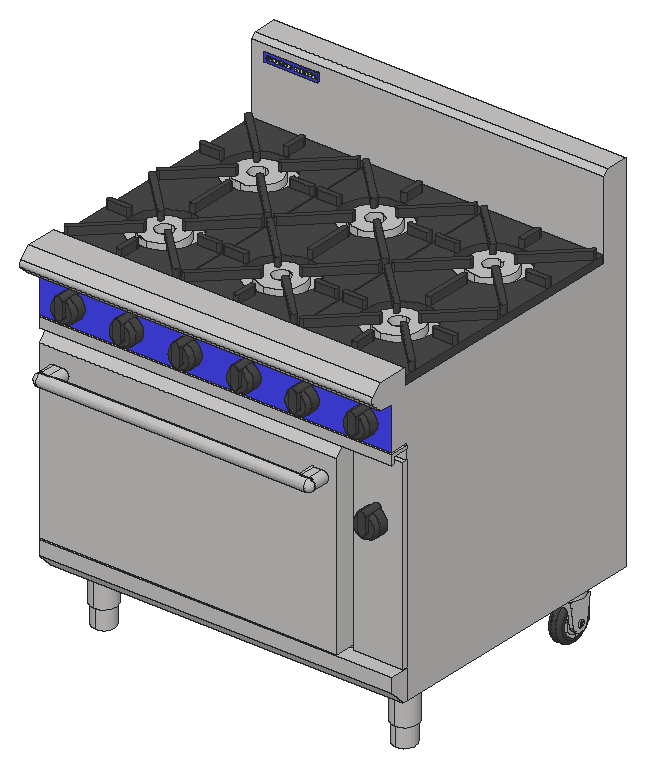
Revit family "QF_MOFFAT_BLUESEAL_CE_G506D", category Specialty Equipment, Revit 2012 (continued)
Lines and regions (mm)
  symbolic lines
    curve 87: line (723.907, -512.407, 0) -> (610.77, -399.27, 0)
    curve 88: line (610.733, -537.634, 0) -> (662.459, -537.634, 0)
    curve 89: line (781.093, -512.407, 0) -> (894.23, -399.27, 0)
    curve 90: line (723.907, -562.593, 0) -> (610.77, -675.73, 0)
    curve 91: line (781.093, -562.593, 0) -> (894.23, -675.73, 0)
    curve 92: line (752.466, -96.281, 0) -> (752.466, -149.16, 0)
    curve 93: line (723.907, -269.593, 0) -> (610.77, -382.73, 0)
    curve 94: line (781.093, -269.593, 0) -> (894.23, -382.73, 0)
    curve 95: line (893.24, -241, 0) -> (843.24, -241, 0)
    curve 96: line (610.733, -241, 0) -> (662.459, -241, 0)
    curve 97: line (723.907, -205.407, 0) -> (610.77, -92.27, 0)
    curve 98: line (781.093, -205.407, 0) -> (894.23, -92.27, 0)
    curve 99: line (32.794, -18.385, 0) -> (260.753, -18.385, 0)
    curve 100: arc (260.753, -18.385, 0) -> (265.753, -19.725, 0) -> (269.413, -23.385, 0) r 10
    curve 101: line (269.413, -23.385, 0) -> (273.455, -30.385, 0)
    curve 102: arc (273.455, -30.385, 0) -> (273.455, -40.385, 0) -> (264.794, -45.385, 0) r 10
    curve 103: line (264.794, -45.385, 0) -> (36.836, -45.385, 0)
    curve 104: arc (36.836, -45.385, 0) -> (31.836, -44.045, 0) -> (28.176, -40.385, 0) r 10
    curve 105: line (28.176, -40.385, 0) -> (24.134, -33.385, 0)
    curve 106: arc (24.134, -33.385, 0) -> (24.134, -23.385, 0) -> (32.794, -18.385, 0) r 10
    curve 107: line (560.753, -18.385, 0) -> (332.794, -18.385, 0)
    curve 108: arc (332.794, -18.385, 0) -> (324.134, -23.385, 0) -> (324.134, -33.385, 0) r 10
    curve 109: line (324.134, -33.385, 0) -> (328.176, -40.385, 0)
    curve 110: arc (328.176, -40.385, 0) -> (331.836, -44.045, 0) -> (336.836, -45.385, 0) r 10
    curve 111: line (336.836, -45.385, 0) -> (564.794, -45.385, 0)
    curve 112: arc (564.794, -45.385, 0) -> (573.455, -40.385, 0) -> (573.455, -30.385, 0) r 10
    curve 113: line (573.455, -30.385, 0) -> (569.413, -23.385, 0)
    curve 114: arc (569.413, -23.385, 0) -> (565.753, -19.725, 0) -> (560.753, -18.385, 0) r 10
    curve 115: line (632.794, -18.385, 0) -> (860.753, -18.385, 0)
    curve 116: arc (860.753, -18.385, 0) -> (865.753, -19.725, 0) -> (869.413, -23.385, 0) r 10
    curve 117: line (869.413, -23.385, 0) -> (873.455, -30.385, 0)
    curve 118: arc (873.455, -30.385, 0) -> (873.455, -40.385, 0) -> (864.794, -45.385, 0) r 10
    curve 119: line (864.794, -45.385, 0) -> (636.836, -45.385, 0)
    curve 120: arc (636.836, -45.385, 0) -> (631.836, -44.045, 0) -> (628.176, -40.385, 0) r 10
    curve 121: line (628.176, -40.385, 0) -> (624.134, -33.385, 0)
    curve 122: arc (624.134, -33.385, 0) -> (624.134, -23.385, 0) -> (632.794, -18.385, 0) r 10
    curve 123: line (0, -783.97, 0) -> (900, -783.97, 0)
    curve 124: line (0, -57.5, 0) -> (900, -57.5, 0)
  symbolic lines, style "QF_Door-Drawer Clearances", visible <- "Show Clearance"
    curve 12: line (0, -1218.847, 0) -> (0, -812, 0)
    curve 13: line (0, -1218.847, 0) -> (760, -1218.847, 0)
    curve 14: line (760, -1218.847, 0) -> (760, -812, 0)
Dimensions and locks
  equal spacing: plane 3 "LEFT", plane 7 "Center Y", plane 4 "RIGHT"
  "Width": plane 3 "LEFT" to plane 4 "RIGHT"
  equal spacing: plane 5 "FRONT", plane 8 "Center X", plane 1 "BACK"
  plane 5 "FRONT" to plane 1 "BACK" = 812 mm  (x2)
  equal spacing: plane 4 "RIGHT", plane 7 "Center Y", plane 3 "LEFT"
  plane 4 "RIGHT" to plane 3 "LEFT" = 900 mm
  "Height": plane 6 "TOP" to level
  plane 10 to plane 1 "BACK" = 574.272 mm
  plane 12 to plane 1 "BACK" = 304.972 mm  (x2)
  plane 11 to plane 3 "LEFT" = 60 mm
  plane 14 to plane 3 "LEFT" = 74 mm
  plane 9 to plane 3 "LEFT" = 280 mm
  "Depth": plane 1 "BACK" to plane 15
  plane 15 to plane 5 "FRONT" = 0 mm
  plane 6 "TOP" to plane 2 = 970 mm
  plane 2 to Extrusion 1 sketch curve = 875 mm
  locked: plane 2 to Extrusion 1 sketch curve at 915
  Revolve 30 sketch curve to Revolve 30 sketch curve = 50.8 mm
  Revolve 34 sketch curve to Revolve 34 sketch curve = 50.8 mm
  plane 20 to level = 1085 mm
  Extrusion 35 sketch curve to plane 22 = 64.8 mm
  plane 23 to Extrusion 38 sketch curve = 67.217 mm
  plane 24 to Extrusion 39 sketch curve = 65.8 mm
  aligned and locked: level to plane 2
  aligned and locked: curve 3 to plane 4 "RIGHT"
Automatic sketch dimensions
  Extrusion 1 sketch curve to plane 21 = 0 mm
  Extrusion 1 sketch curve to plane 20 = 0 mm
  Extrusion 1 sketch curve to plane 1 "BACK" = 0 mm
  plane 21 to Extrusion 1 sketch curve = 44 mm
  Extrusion 1 sketch curve to plane 5 "FRONT" = 28.03 mm
  Extrusion 1 sketch curve to plane 5 "FRONT" = 27.03 mm
  Extrusion 1 sketch curve to plane 5 "FRONT" = 12.018 mm
  Extrusion 1 sketch curve to plane 5 "FRONT" = 3.524 mm  (x2)
  Extrusion 1 sketch curve to plane 21 = 6 mm
  Extrusion 1 sketch curve to plane 20 = 12.5 mm
  plane 19 to Extrusion 1 sketch curve = 30 mm
  Extrusion 1 sketch curve to Extrusion 1 sketch curve = 12.5 mm
  Extrusion 1 sketch curve to Extrusion 1 sketch curve = 41.494 mm
  Extrusion 1 sketch curve to Extrusion 1 sketch curve = 25 mm
  plane 18 to Extrusion 1 sketch curve = 85 mm
  level to Extrusion 1 sketch curve = 150 mm
  Extrusion 1 sketch curve to Extrusion 1 sketch curve = 8.494 mm
  plane 21 to Extrusion 2 sketch curve = 20 mm
  Extrusion 2 sketch curve to plane 21 = 6 mm
  level to Extrusion 2 sketch curve = 227.5 mm
  plane 21 to Extrusion 3 sketch curve = 9 mm
  Extrusion 3 sketch curve to plane 21 = 6 mm
  level to Extrusion 3 sketch curve = 227.5 mm
  plane 18 to Extrusion 3 sketch curve = 45 mm
  Revolve 4 sketch curve to level = 0 mm
  Revolve 4 sketch curve to plane 21 = 48.25 mm
  Revolve 4 sketch curve to Revolve 4 sketch curve = 4.25 mm
  Revolve 4 sketch curve to Revolve 4 sketch curve = 27.5 mm  (x2)
  level to Revolve 4 sketch curve = 50 mm
  Revolve 4 sketch curve to Revolve 4 sketch curve = 0 mm
  Revolve 4 sketch curve to Revolve 4 sketch curve = 100 mm
  Revolve 4 sketch curve to Revolve 4 sketch curve = 55 mm
  Revolve 5 sketch curve to level = 0 mm
  Revolve 5 sketch curve to plane 21 = 48.25 mm
  Revolve 5 sketch curve to Revolve 5 sketch curve = 4.25 mm
  Revolve 5 sketch curve to Revolve 5 sketch curve = 27.5 mm  (x2)
  Revolve 5 sketch curve to level = 55 mm
  Revolve 5 sketch curve to Revolve 5 sketch curve = 50 mm
  Revolve 5 sketch curve to Revolve 5 sketch curve = 0 mm
  Revolve 5 sketch curve to Revolve 5 sketch curve = 100 mm
  Extrusion 6 sketch curve to plane 17 = 0 mm
  Extrusion 6 sketch curve to plane 16 = 64.5 mm
  Revolve 7 sketch curve to plane 5 "FRONT" = 19 mm
  Revolve 7 sketch curve to Revolve 7 sketch curve = 0 mm  (x2)
  Revolve 7 sketch curve to Revolve 7 sketch curve = 11 mm
  Revolve 7 sketch curve to Revolve 7 sketch curve = 12.7 mm
  Revolve 7 sketch curve to Revolve 7 sketch curve = 23 mm
  Revolve 7 sketch curve to Revolve 7 sketch curve = 10 mm
  plane 18 to Revolve 7 sketch curve = 141.882 mm
  Revolve 7 sketch curve to Revolve 7 sketch curve = 5 mm
  Revolve 7 sketch curve to Revolve 7 sketch curve = 26.651 mm
  Revolve 7 sketch curve to Revolve 7 sketch curve = 5.849 mm
  Revolve 8 sketch curve to plane 5 "FRONT" = 19 mm
  Revolve 8 sketch curve to Revolve 8 sketch curve = 0 mm  (x2)
  Revolve 8 sketch curve to Revolve 8 sketch curve = 11 mm
  Revolve 8 sketch curve to Revolve 8 sketch curve = 12.7 mm
  Revolve 8 sketch curve to Revolve 8 sketch curve = 23 mm
  Revolve 8 sketch curve to Revolve 8 sketch curve = 10 mm
  plane 18 to Revolve 8 sketch curve = 141.882 mm
  Revolve 8 sketch curve to Revolve 8 sketch curve = 5 mm
  Revolve 8 sketch curve to Revolve 8 sketch curve = 26.651 mm
  Revolve 8 sketch curve to Revolve 8 sketch curve = 5.849 mm
  Revolve 9 sketch curve to plane 5 "FRONT" = 19 mm
  Revolve 9 sketch curve to Revolve 9 sketch curve = 0 mm  (x2)
  Revolve 9 sketch curve to Revolve 9 sketch curve = 11 mm
  Revolve 9 sketch curve to Revolve 9 sketch curve = 12.7 mm
  Revolve 9 sketch curve to Revolve 9 sketch curve = 23 mm
  Revolve 9 sketch curve to Revolve 9 sketch curve = 10 mm
  Revolve 9 sketch curve to plane 6 "TOP" = 140.618 mm
  Revolve 9 sketch curve to Revolve 9 sketch curve = 5.849 mm
  Revolve 9 sketch curve to Revolve 9 sketch curve = 27.5 mm
  Revolve 9 sketch curve to Revolve 9 sketch curve = 5 mm
  Revolve 10 sketch curve to plane 5 "FRONT" = 19 mm
  Revolve 10 sketch curve to Revolve 10 sketch curve = 0 mm  (x2)
  Revolve 10 sketch curve to Revolve 10 sketch curve = 11 mm
  Revolve 10 sketch curve to Revolve 10 sketch curve = 12.7 mm
  Revolve 10 sketch curve to Revolve 10 sketch curve = 23 mm
  Revolve 10 sketch curve to Revolve 10 sketch curve = 10 mm
  Revolve 10 sketch curve to plane 6 "TOP" = 140.618 mm
  Revolve 10 sketch curve to Revolve 10 sketch curve = 5.849 mm
  Revolve 10 sketch curve to Revolve 10 sketch curve = 27.5 mm
  Revolve 10 sketch curve to Revolve 10 sketch curve = 5 mm
  Revolve 11 sketch curve to plane 5 "FRONT" = 19 mm
  Revolve 11 sketch curve to Revolve 11 sketch curve = 0 mm  (x2)
  Revolve 11 sketch curve to Revolve 11 sketch curve = 11 mm
  Revolve 11 sketch curve to Revolve 11 sketch curve = 12.7 mm
  Revolve 11 sketch curve to Revolve 11 sketch curve = 23 mm
  Revolve 11 sketch curve to Revolve 11 sketch curve = 10 mm
  Revolve 11 sketch curve to plane 6 "TOP" = 140.618 mm
  Revolve 11 sketch curve to Revolve 11 sketch curve = 5.849 mm
  Revolve 11 sketch curve to Revolve 11 sketch curve = 27.5 mm
  Revolve 11 sketch curve to Revolve 11 sketch curve = 5 mm
  plane 14 to Extrusion 12 sketch curve = 26.156 mm
  Extrusion 12 sketch curve to Extrusion 12 sketch curve = 10 mm
  Extrusion 12 sketch curve to plane 6 "TOP" = 146.118 mm
  Extrusion 12 sketch curve to Extrusion 12 sketch curve = 35 mm
  Extrusion 13 sketch curve to plane 9 = 29.844 mm
  Extrusion 13 sketch curve to Extrusion 13 sketch curve = 10 mm
  Extrusion 13 sketch curve to plane 6 "TOP" = 146.118 mm
  Extrusion 13 sketch curve to Extrusion 13 sketch curve = 35 mm
  Extrusion 14 sketch curve to plane 16 = 4.656 mm
  plane 16 to Extrusion 14 sketch curve = 5.344 mm
  plane 18 to Extrusion 14 sketch curve = 133.882 mm
  Extrusion 14 sketch curve to Extrusion 14 sketch curve = 35 mm
  Extrusion 15 sketch curve to plane 16 = 154.656 mm
  Extrusion 15 sketch curve to Extrusion 15 sketch curve = 10 mm
  plane 18 to Extrusion 15 sketch curve = 133.882 mm
  Extrusion 15 sketch curve to Extrusion 15 sketch curve = 35 mm
  Extrusion 16 sketch curve to plane 7 "Center Y" = 49.868 mm
  Extrusion 16 sketch curve to Extrusion 16 sketch curve = 10 mm
  Extrusion 16 sketch curve to plane 6 "TOP" = 146.118 mm
  Extrusion 16 sketch curve to Extrusion 16 sketch curve = 35 mm
  plane 7 "Center Y" to Extrusion 17 sketch curve = 100.132 mm
  Extrusion 17 sketch curve to Extrusion 17 sketch curve = 10 mm
  Extrusion 17 sketch curve to plane 6 "TOP" = 146.118 mm
  Extrusion 17 sketch curve to Extrusion 17 sketch curve = 35 mm
  Revolve 18 sketch curve to plane 5 "FRONT" = 54 mm
  Revolve 18 sketch curve to Revolve 18 sketch curve = 0 mm  (x2)
  Revolve 18 sketch curve to Revolve 18 sketch curve = 11 mm
  Revolve 18 sketch curve to Revolve 18 sketch curve = 12.7 mm
  plane 21 to Revolve 18 sketch curve = 19 mm
  plane 21 to Revolve 18 sketch curve = 9 mm
  Revolve 18 sketch curve to plane 18 = 103.743 mm
  Revolve 18 sketch curve to Revolve 18 sketch curve = 5 mm
  Revolve 18 sketch curve to Revolve 18 sketch curve = 26.651 mm
  Revolve 18 sketch curve to Revolve 18 sketch curve = 5.849 mm
  Extrusion 19 sketch curve to plane 16 = 7.156 mm
  plane 16 to Extrusion 19 sketch curve = 2.844 mm
  Extrusion 19 sketch curve to plane 18 = 111.743 mm
  Extrusion 19 sketch curve to Extrusion 19 sketch curve = 35 mm
  plane 21 to Extrusion 20 sketch curve = 44 mm
  level to Extrusion 20 sketch curve = 227.5 mm
  plane 5 "FRONT" to Extrusion 20 sketch curve = 406.847 mm
  plane 1 "BACK" to Extrusion 21 sketch curve = 0 mm
  Extrusion 21 sketch curve to plane 17 = 7 mm
  Extrusion 21 sketch curve to plane 16 = 140.5 mm
  plane 19 to Extrusion 21 sketch curve = 13 mm
  Extrusion 21 sketch curve to Extrusion 21 sketch curve = 50 mm
  Extrusion 21 sketch curve to plane 16 = 10.5 mm
  Revolve 22 sketch curve to plane 5 "FRONT" = 19 mm
  Revolve 22 sketch curve to Revolve 22 sketch curve = 0 mm  (x2)
  Revolve 22 sketch curve to Revolve 22 sketch curve = 11 mm
  Revolve 22 sketch curve to Revolve 22 sketch curve = 12.7 mm
  Revolve 22 sketch curve to Revolve 22 sketch curve = 23 mm
  Revolve 22 sketch curve to Revolve 22 sketch curve = 10 mm
  Revolve 22 sketch curve to plane 6 "TOP" = 140.618 mm
  Revolve 22 sketch curve to Revolve 22 sketch curve = 5.849 mm
  Revolve 22 sketch curve to Revolve 22 sketch curve = 27.5 mm
  Revolve 22 sketch curve to Revolve 22 sketch curve = 5 mm
  Extrusion 23 sketch curve to plane 11 = 1.472 mm
  Extrusion 23 sketch curve to plane 18 = 46.875 mm  (x2)
  Extrusion 23 sketch curve to Extrusion 23 sketch curve = 15 mm  (x2)
  Extrusion 23 sketch curve to plane 16 = 131.743 mm
  Extrusion 23 sketch curve to Extrusion 23 sketch curve = 20.282 mm  (x2)
  Revolve 24 sketch curve to plane 3 "LEFT" = 6.961 mm
  plane 3 "LEFT" to Revolve 24 sketch curve = 23.246 mm
  Revolve 24 sketch curve to plane 18 = 16.875 mm
  Revolve 24 sketch curve to Revolve 24 sketch curve = 15 mm
  Revolve 24 sketch curve to plane 18 = 31.875 mm
  plane 7 "Center Y" to Revolve 24 sketch curve = 138.039 mm
  Revolve 24 sketch curve to plane 16 = 111.461 mm
  plane 21 to Extrusion 25 sketch curve = 44 mm
  Extrusion 25 sketch curve to Extrusion 25 sketch curve = 6.387 mm
  Extrusion 25 sketch curve to Extrusion 25 sketch curve = 8.776 mm
  Extrusion 25 sketch curve to plane 21 = 4.07 mm
  plane 18 to Extrusion 25 sketch curve = 55 mm
  Extrusion 25 sketch curve to Extrusion 25 sketch curve = 16.999 mm
  Extrusion 25 sketch curve to Extrusion 25 sketch curve = 7.004 mm
  plane 21 to Extrusion 26 sketch curve = 44 mm
  Extrusion 26 sketch curve to Extrusion 26 sketch curve = 36.5 mm
  Extrusion 27 sketch curve to plane 19 = 0 mm
  Extrusion 27 sketch curve to plane 19 = 19.393 mm
  Extrusion 27 sketch curve to plane 19 = 31.75 mm
  plane 19 to Extrusion 27 sketch curve = 19.393 mm
  plane 19 to Extrusion 27 sketch curve = 31.75 mm
  level to Extrusion 27 sketch curve = 45.111 mm
  Extrusion 27 sketch curve to Extrusion 27 sketch curve = 4.889 mm
  Extrusion 27 sketch curve to Extrusion 27 sketch curve = 64.889 mm
  Revolve 28 sketch curve to plane 19 = 0 mm  (x2)
  Revolve 28 sketch curve to plane 19 = 35.75 mm
  Revolve 28 sketch curve to level = 55 mm
  level to Revolve 28 sketch curve = 50 mm
  Revolve 28 sketch curve to Revolve 28 sketch curve = 60 mm
  Revolve 28 sketch curve to Revolve 28 sketch curve = 40 mm
  Revolve 29 sketch curve to plane 19 = 0 mm  (x2)
  Revolve 29 sketch curve to plane 19 = 35.75 mm
  level to Revolve 29 sketch curve = 150 mm
  Revolve 29 sketch curve to Revolve 29 sketch curve = 40 mm
  level to Revolve 29 sketch curve = 50 mm
  Revolve 29 sketch curve to level = 55 mm
  Revolve 30 sketch curve to plane 16 = 34.382 mm
  Revolve 30 sketch curve to Revolve 30 sketch curve = 1.27 mm  (x4)
  Revolve 30 sketch curve to Revolve 30 sketch curve = 1.524 mm  (x2)
  Revolve 30 sketch curve to Revolve 30 sketch curve = 12.146 mm  (x2)
  Revolve 30 sketch curve to plane 16 = 16.68 mm
  Revolve 30 sketch curve to Revolve 30 sketch curve = 0.794 mm  (x2)
  Revolve 30 sketch curve to Revolve 30 sketch curve = 3.57 mm
  Revolve 30 sketch curve to Revolve 30 sketch curve = 2.143 mm
  Revolve 30 sketch curve to plane 16 = 6.361 mm
  plane 16 to Revolve 30 sketch curve = 5.13 mm
  plane 16 to Revolve 30 sketch curve = 6.339 mm
  plane 16 to Revolve 30 sketch curve = 14.515 mm
  Revolve 30 sketch curve to Revolve 30 sketch curve = 1.349 mm  (x2)
  Revolve 30 sketch curve to Revolve 30 sketch curve = 3.556 mm
  Revolve 30 sketch curve to plane 4 "RIGHT" = 2.18 mm
  level to Revolve 30 sketch curve = 50.8 mm
  Revolve 30 sketch curve to Revolve 30 sketch curve = 0 mm
  Revolve 30 sketch curve to Revolve 30 sketch curve = 3.505 mm  (x2)
  Revolve 30 sketch curve to Revolve 30 sketch curve = 3.447 mm  (x2)
  Revolve 30 sketch curve to Revolve 30 sketch curve = 9.964 mm
  Revolve 30 sketch curve to Revolve 30 sketch curve = 10.045 mm
  Revolve 30 sketch curve to Revolve 30 sketch curve = 2.053 mm
  Revolve 30 sketch curve to Revolve 30 sketch curve = 2.061 mm
  Revolve 30 sketch curve to Revolve 30 sketch curve = 8.247 mm
  Revolve 30 sketch curve to Revolve 30 sketch curve = 8.336 mm
  Revolve 30 sketch curve to Revolve 30 sketch curve = 6.35 mm  (x2)
  Extrusion 31 sketch curve to plane 19 = 0 mm
  Extrusion 31 sketch curve to plane 19 = 19.393 mm
  Extrusion 31 sketch curve to plane 19 = 31.75 mm
  plane 19 to Extrusion 31 sketch curve = 19.393 mm
  plane 19 to Extrusion 31 sketch curve = 31.75 mm
  level to Extrusion 31 sketch curve = 45.111 mm
  Extrusion 31 sketch curve to Extrusion 31 sketch curve = 4.889 mm
  Extrusion 31 sketch curve to Extrusion 31 sketch curve = 64.889 mm
  Revolve 32 sketch curve to level = 0 mm
  Revolve 32 sketch curve to plane 19 = 0 mm  (x2)
  Revolve 32 sketch curve to Revolve 32 sketch curve = 27.5 mm
  Revolve 32 sketch curve to Revolve 32 sketch curve = 31.75 mm
  Revolve 32 sketch curve to level = 55 mm
  Revolve 32 sketch curve to Revolve 32 sketch curve = 50 mm
  Revolve 32 sketch curve to Revolve 32 sketch curve = 0 mm
  Revolve 32 sketch curve to Revolve 32 sketch curve = 100 mm
  Revolve 33 sketch curve to level = 0 mm
  Revolve 33 sketch curve to plane 19 = 0 mm  (x2)
  Revolve 33 sketch curve to Revolve 33 sketch curve = 27.5 mm
  Revolve 33 sketch curve to Revolve 33 sketch curve = 31.75 mm
  level to Revolve 33 sketch curve = 50 mm
  Revolve 33 sketch curve to Revolve 33 sketch curve = 0 mm
  Revolve 33 sketch curve to Revolve 33 sketch curve = 100 mm
  Revolve 33 sketch curve to Revolve 33 sketch curve = 55 mm
  plane 14 to Revolve 34 sketch curve = 25.382 mm
  Revolve 34 sketch curve to Revolve 34 sketch curve = 1.27 mm  (x4)
  Revolve 34 sketch curve to Revolve 34 sketch curve = 1.524 mm  (x2)
  plane 14 to Revolve 34 sketch curve = 10.442 mm
  plane 14 to Revolve 34 sketch curve = 7.68 mm
  Revolve 34 sketch curve to Revolve 34 sketch curve = 0.794 mm  (x2)
  Revolve 34 sketch curve to Revolve 34 sketch curve = 3.57 mm
  Revolve 34 sketch curve to Revolve 34 sketch curve = 2.143 mm
  Revolve 34 sketch curve to plane 14 = 2.639 mm
  Revolve 34 sketch curve to plane 11 = 0.13 mm
  Revolve 34 sketch curve to plane 11 = 1.339 mm
  Revolve 34 sketch curve to plane 11 = 9.515 mm
  Revolve 34 sketch curve to Revolve 34 sketch curve = 1.349 mm  (x2)
  Revolve 34 sketch curve to Revolve 34 sketch curve = 3.556 mm
  Revolve 34 sketch curve to Revolve 34 sketch curve = 12.146 mm
  Revolve 34 sketch curve to plane 3 "LEFT" = 2.68 mm
  level to Revolve 34 sketch curve = 101.6 mm
  Revolve 34 sketch curve to Revolve 34 sketch curve = 6.35 mm  (x4)
  Revolve 34 sketch curve to Revolve 34 sketch curve = 8.247 mm
  Revolve 34 sketch curve to Revolve 34 sketch curve = 8.336 mm
  Revolve 34 sketch curve to Revolve 34 sketch curve = 2.061 mm
  Revolve 34 sketch curve to Revolve 34 sketch curve = 2.053 mm
  Revolve 34 sketch curve to Revolve 34 sketch curve = 10.045 mm
  Revolve 34 sketch curve to Revolve 34 sketch curve = 9.964 mm
  Revolve 34 sketch curve to Revolve 34 sketch curve = 3.447 mm  (x2)
  Revolve 34 sketch curve to Revolve 34 sketch curve = 3.505 mm
  plane 21 to Extrusion 35 sketch curve = 0 mm
  Extrusion 35 sketch curve to plane 21 = 3 mm  (x2)
  plane 10 to Extrusion 35 sketch curve = 36.504 mm
  plane 12 to Extrusion 35 sketch curve = 67.472 mm
  plane 19 to Extrusion 35 sketch curve = 26 mm  (x2)
  Extrusion 35 sketch curve to Extrusion 35 sketch curve = 3 mm
  plane 14 to Extrusion 35 sketch curve = 76 mm  (x2)
  plane 9 to Extrusion 35 sketch curve = 17 mm
  Extrusion 36 sketch curve to Extrusion 35 = 19.102 mm  (x6)
  Extrusion 36 sketch curve to Extrusion 36 sketch curve = 4.525 mm  (x48)
  Extrusion 36 sketch curve to Extrusion 35 = 27.593 mm  (x3)
  Extrusion 36 sketch curve to Extrusion 36 sketch curve = 48.456 mm  (x13)
  Extrusion 36 sketch curve to Extrusion 36 sketch curve = 50.976 mm  (x3)
  Extrusion 36 sketch curve to Extrusion 36 sketch curve = 0 mm  (x19)
  Extrusion 35 to Extrusion 36 sketch curve = 9.908 mm  (x2)
  Extrusion 36 sketch curve to Extrusion 36 sketch curve = 27.39 mm  (x5)
  Extrusion 36 sketch curve to Extrusion 36 sketch curve = 6.4 mm  (x21)
  Extrusion 36 sketch curve to Extrusion 36 sketch curve = 20.658 mm  (x6)
  Extrusion 36 sketch curve to Extrusion 36 sketch curve = 55.923 mm  (x3)
  Extrusion 35 to Extrusion 36 sketch curve = 6.102 mm  (x3)
  Extrusion 36 sketch curve to Extrusion 36 sketch curve = 128.581 mm  (x4)
  Extrusion 36 sketch curve to Extrusion 35 = 6.102 mm  (x2)
  Extrusion 36 sketch curve to Extrusion 35 = 5.102 mm  (x3)
  Extrusion 36 sketch curve to Extrusion 35 = 14.153 mm
  Extrusion 36 sketch curve to Extrusion 36 sketch curve = 12.205 mm  (x6)
  Extrusion 36 sketch curve to Extrusion 35 = 15.153 mm  (x2)
  Extrusion 35 to Extrusion 36 sketch curve = 15.153 mm
  Extrusion 36 sketch curve to Extrusion 36 sketch curve = 112.454 mm  (x3)
  Extrusion 36 sketch curve to Extrusion 36 sketch curve = 59.673 mm  (x3)
  Extrusion 36 sketch curve to Extrusion 36 sketch curve = 17.024 mm  (x4)
  Extrusion 36 sketch curve to Extrusion 36 sketch curve = 46.847 mm  (x6)
  Extrusion 36 sketch curve to Extrusion 36 sketch curve = 62.169 mm  (x3)
  Extrusion 36 sketch curve to Extrusion 35 = 36.153 mm  (x4)
  Extrusion 36 sketch curve to Extrusion 35 = 23.4 mm  (x3)
  Extrusion 36 sketch curve to Extrusion 35 = 9.156 mm  (x2)
  Extrusion 36 sketch curve to Extrusion 36 sketch curve = 55.413 mm  (x7)
  Extrusion 36 sketch curve to Extrusion 36 sketch curve = 20.524 mm  (x9)
  Extrusion 36 sketch curve to Extrusion 36 sketch curve = 53.847 mm  (x12)
  Extrusion 36 sketch curve to Extrusion 35 = 58.364 mm
  Extrusion 36 sketch curve to Extrusion 36 sketch curve = 55.661 mm  (x6)
  Extrusion 36 sketch curve to Extrusion 35 = 9.908 mm  (x2)
  Extrusion 36 sketch curve to Extrusion 36 sketch curve = 128.447 mm  (x6)
  Extrusion 36 sketch curve to Extrusion 36 sketch curve = 15.038 mm  (x4)
  Extrusion 36 sketch curve to Extrusion 36 sketch curve = 23.146 mm  (x2)
  Extrusion 38 sketch curve to plane 7 "Center Y" = 0 mm  (x2)
  plane 21 to Extrusion 38 sketch curve = 0 mm
  Extrusion 38 sketch curve to plane 21 = 3 mm  (x2)
  plane 10 to Extrusion 38 sketch curve = 36.504 mm
  plane 12 to Extrusion 38 sketch curve = 67.472 mm
  plane 19 to Extrusion 38 sketch curve = 26 mm  (x2)
  Extrusion 38 sketch curve to Extrusion 38 sketch curve = 3 mm
  plane 9 to Extrusion 38 sketch curve = 23 mm
  plane 21 to Extrusion 39 sketch curve = 0 mm
  Extrusion 39 sketch curve to plane 21 = 3 mm  (x2)
  plane 10 to Extrusion 39 sketch curve = 36.504 mm
  plane 12 to Extrusion 39 sketch curve = 67.472 mm
  plane 19 to Extrusion 39 sketch curve = 26 mm  (x2)
  Extrusion 39 sketch curve to Extrusion 39 sketch curve = 3 mm
  Extrusion 39 sketch curve to plane 24 = 84.2 mm  (x2)
  plane 7 "Center Y" to Extrusion 39 sketch curve = 154.417 mm
  curve 23 to curve 24 = 0 mm  (x2)
  curve 23 to curve 27 = 0 mm  (x2)
  curve 23 to curve 28 = 0 mm  (x2)
  curve 24 to curve 27 = 0 mm  (x2)
  curve 24 to curve 28 = 0 mm  (x2)
  curve 25 to curve 26 = 0 mm  (x2)
  curve 27 to curve 28 = 0 mm  (x2)
  curve 37 to curve 38 = 0 mm  (x2)
  curve 37 to curve 39 = 0 mm  (x2)
  curve 37 to curve 40 = 0 mm  (x2)
  curve 37 to curve 41 = 0 mm  (x2)
  curve 37 to curve 42 = 0 mm  (x2)
  curve 38 to curve 39 = 0 mm  (x2)
  curve 38 to curve 40 = 0 mm  (x2)
  curve 38 to curve 41 = 0 mm  (x2)
  curve 38 to curve 42 = 0 mm  (x2)
  curve 39 to curve 40 = 0 mm  (x2)
  curve 39 to curve 41 = 0 mm  (x2)
  curve 39 to curve 42 = 0 mm  (x2)
  curve 40 to curve 41 = 0 mm  (x2)
  curve 40 to curve 42 = 0 mm  (x2)
  curve 41 to curve 42 = 0 mm  (x2)
  curve 45 to curve 46 = 0 mm  (x2)
  curve 45 to curve 47 = 0 mm  (x2)
  curve 45 to curve 48 = 0 mm  (x2)
  curve 46 to curve 47 = 0 mm  (x2)
  curve 46 to curve 48 = 0 mm  (x2)
  curve 47 to curve 48 = 0 mm  (x2)
  curve 49 to curve 50 = 0 mm  (x2)
  curve 49 to curve 51 = 0 mm  (x2)
  curve 49 to curve 52 = 0 mm  (x2)
  curve 50 to curve 51 = 0 mm  (x2)
  curve 50 to curve 52 = 0 mm  (x2)
  curve 51 to curve 52 = 0 mm  (x2)
  curve 53 to curve 54 = 0 mm  (x2)
  curve 55 to curve 56 = 0 mm  (x2)
  curve 55 to curve 57 = 0 mm  (x2)
  curve 55 to curve 58 = 0 mm  (x2)
  curve 55 to curve 59 = 0 mm  (x2)
  curve 55 to curve 60 = 0 mm  (x2)
  curve 56 to curve 57 = 0 mm  (x2)
  curve 56 to curve 58 = 0 mm  (x2)
  curve 56 to curve 59 = 0 mm  (x2)
  curve 56 to curve 60 = 0 mm  (x2)
  curve 57 to curve 58 = 0 mm  (x2)
  curve 57 to curve 59 = 0 mm  (x2)
  curve 57 to curve 60 = 0 mm  (x2)
  curve 58 to curve 59 = 0 mm  (x2)
  curve 58 to curve 60 = 0 mm  (x2)
  curve 59 to curve 60 = 0 mm  (x2)
  curve 61 to curve 62 = 0 mm  (x2)
  curve 63 to curve 64 = 0 mm  (x2)
  curve 63 to curve 65 = 0 mm  (x2)
  curve 63 to curve 66 = 0 mm  (x2)
  curve 63 to curve 67 = 0 mm  (x2)
  curve 63 to curve 68 = 0 mm  (x2)
  curve 64 to curve 65 = 0 mm  (x2)
  curve 64 to curve 66 = 0 mm  (x2)
  curve 64 to curve 67 = 0 mm  (x2)
  curve 64 to curve 68 = 0 mm  (x2)
  curve 65 to curve 66 = 0 mm  (x2)
  curve 65 to curve 67 = 0 mm  (x2)
  curve 65 to curve 68 = 0 mm  (x2)
  curve 66 to curve 67 = 0 mm  (x2)
  curve 66 to curve 68 = 0 mm  (x2)
  curve 67 to curve 68 = 0 mm  (x2)
  curve 61 to plane 7 "Center Y" = 0 mm
  curve 45 to plane 7 "Center Y" = 0 mm
  curve 63 to plane 7 "Center Y" = 0 mm
  curve 57 to plane 16 = 84.5 mm
  plane 10 to curve 49 = 36.772 mm
  curve 49 to plane 16 = 84.5 mm
  curve 53 to curve 49 = 0 mm
  plane 12 to curve 42 = 45.472 mm
  plane 14 to curve 42 = 76 mm
  plane 14 to curve 28 = 76 mm
  curve 26 to curve 23 = 0 mm
  curve 39 to curve 41 = 22 mm
  plane 12 to curve 67 = 67.472 mm
  plane 12 to curve 57 = 67.472 mm
  curve 67 to curve 63 = 22 mm
  curve 59 to curve 55 = 22 mm
  curve 66 to curve 67 = 35 mm
  curve 58 to curve 59 = 35 mm
  curve 39 to curve 41 = 35 mm
  curve 38 to curve 39 = 28 mm
  curve 56 to curve 57 = 28 mm
  curve 63 to curve 65 = 28 mm
  curve 25 to plane 8 "Center X" = 46.768 mm
  curve 54 to plane 8 "Center X" = 46.768 mm
  curve 62 to plane 8 "Center X" = 46.768 mm
  curve 53 to curve 50 = 27.732 mm
  curve 61 to curve 46 = 27.732 mm
  curve 25 to curve 23 = 27.732 mm
  curve 52 to curve 49 = 22 mm
  curve 45 to curve 48 = 35 mm
  curve 23 to curve 28 = 35 mm
  curve 27 to curve 28 = 22 mm
  curve 47 to curve 45 = 22 mm
  curve 23 to curve 25 = 0.268 mm
  curve 49 to curve 54 = 0.268 mm
  curve 45 to curve 62 = 0.268 mm
  Extrusion 37 sketch curve to Extrusion 37 sketch curve = 0 mm  (x12)
  Extrusion 37 sketch curve to plane 7 "Center Y" = 0 mm  (x2)
  plane 12 to Extrusion 37 sketch curve = 67.472 mm  (x3)
  plane 10 to Extrusion 37 sketch curve = 36.772 mm  (x3)
  plane 14 to Extrusion 37 sketch curve = 76 mm  (x2)
  Extrusion 37 sketch curve to plane 16 = 84.5 mm  (x2)
  plane 1 "BACK" to curve 1 = 0 mm
  curve 1 to plane 3 "LEFT" = 0 mm
  plane 5 "FRONT" to curve 9 = 0 mm
  plane 21 to curve 6 = 0 mm
  plane 3 "LEFT" to curve 31 = 8.27 mm
  plane 3 "LEFT" to curve 44 = 8.27 mm
  plane 3 "LEFT" to curve 34 = 8.27 mm
  plane 3 "LEFT" to curve 29 = 8.27 mm
  plane 3 "LEFT" to curve 20 = 9.26 mm
  plane 3 "LEFT" to curve 35 = 9.26 mm
  plane 3 "LEFT" to curve 9 = 22.65 mm
  curve 10 to plane 11 = 11.111 mm
  curve 9 to plane 11 = 9.192 mm
  curve 20 to plane 11 = 0.74 mm
  curve 35 to plane 11 = 0.74 mm
  plane 14 to curve 34 = 47.407 mm
  plane 14 to curve 44 = 47.407 mm
  plane 14 to curve 29 = 47.407 mm
  plane 10 to curve 31 = 11.679 mm
  plane 14 to curve 31 = 47.407 mm
  curve 18 to plane 12 = 26.806 mm
  curve 34 to curve 18 = 28.581 mm
  curve 19 to plane 21 = 23.732 mm
  plane 14 to curve 19 = 76.034 mm
  curve 44 to curve 32 = 28.628 mm
  curve 44 to curve 43 = 57.187 mm
  plane 12 to curve 33 = 35.379 mm
  curve 34 to curve 33 = 57.187 mm
  curve 29 to curve 21 = 57.187 mm
  plane 10 to curve 30 = 11.679 mm
  curve 30 to curve 21 = 0 mm
  curve 36 to plane 9 = 39.959 mm
  curve 22 to plane 9 = 39.959 mm
  plane 9 to curve 43 = 11.73 mm
  plane 9 to curve 33 = 11.73 mm
  plane 9 to curve 30 = 11.73 mm
  plane 9 to curve 21 = 11.73 mm
  plane 9 to curve 22 = 11.767 mm
  plane 9 to curve 36 = 11.767 mm
  curve 15 to plane 21 = 3.3 mm
  plane 9 to curve 15 = 20 mm
  plane 8 "Center X" to curve 74 = 6.73 mm
  curve 21 to curve 74 = 16.539 mm
  curve 30 to curve 76 = 16.539 mm
  curve 33 to curve 79 = 16.539 mm
  plane 19 to curve 83 = 7.73 mm
  curve 43 to curve 83 = 16.539 mm
  curve 22 to curve 71 = 17.493 mm
  curve 36 to curve 80 = 17.493 mm
  curve 71 to curve 71 = 50 mm
  curve 80 to curve 80 = 50 mm
  plane 10 to curve 76 = 11.679 mm
  curve 76 to plane 7 "Center Y" = 28.593 mm
  curve 83 to plane 7 "Center Y" = 28.593 mm
  curve 74 to plane 7 "Center Y" = 28.593 mm
  curve 79 to plane 7 "Center Y" = 28.593 mm
  curve 69 to plane 7 "Center Y" = 0.012 mm
  plane 7 "Center Y" to curve 70 = 0.034 mm
  plane 7 "Center Y" to curve 77 = 0.034 mm
  plane 10 to curve 75 = 11.679 mm
  plane 7 "Center Y" to curve 75 = 28.593 mm
  plane 7 "Center Y" to curve 72 = 28.593 mm
  plane 7 "Center Y" to curve 78 = 28.593 mm
  plane 7 "Center Y" to curve 82 = 28.593 mm
  curve 78 to curve 81 = 61.447 mm
  curve 75 to curve 73 = 61.447 mm
  plane 8 "Center X" to curve 72 = 6.73 mm
  plane 7 "Center Y" to curve 72 = 141.73 mm
  plane 19 to curve 82 = 7.73 mm
  plane 7 "Center Y" to curve 82 = 141.73 mm
  curve 78 to plane 13 = 17.758 mm
  curve 78 to curve 72 = 0 mm
  curve 75 to plane 21 = 29.27 mm
  plane 7 "Center Y" to curve 75 = 141.73 mm
  curve 81 to curve 81 = 51.727 mm
  curve 73 to curve 73 = 51.727 mm
  curve 82 to curve 16 = 9.686 mm
  curve 81 to curve 96 = 18.965 mm
  curve 73 to curve 88 = 18.965 mm
  curve 90 to plane 21 = 29.27 mm
  curve 75 to curve 90 = 19.039 mm
  plane 8 "Center X" to curve 87 = 6.73 mm
  curve 72 to curve 87 = 19.039 mm
  curve 93 to plane 13 = 17.758 mm
  curve 78 to curve 93 = 19.039 mm
  plane 19 to curve 97 = 7.73 mm
  curve 82 to curve 97 = 19.039 mm
  curve 96 to curve 96 = 51.727 mm
  curve 88 to curve 88 = 51.727 mm
  plane 12 to curve 93 = 35.379 mm
  curve 96 to curve 93 = 61.447 mm
  curve 97 to curve 93 = 0 mm
  curve 88 to curve 87 = 61.447 mm
  plane 10 to curve 90 = 11.679 mm
  curve 90 to curve 87 = 0 mm
  plane 5 "FRONT" to curve 10 = 14.544 mm
  curve 10 to plane 16 = 112.642 mm
  curve 11 to curve 11 = 25.191 mm
  curve 97 to curve 92 = 28.559 mm
  curve 85 to plane 21 = 23.732 mm
  curve 85 to plane 16 = 82.034 mm
  curve 84 to plane 12 = 26.806 mm
  curve 93 to curve 84 = 28.605 mm
  curve 13 to plane 16 = 74.5 mm
  curve 89 to plane 16 = 53.407 mm
  curve 98 to plane 16 = 53.407 mm
  plane 10 to curve 91 = 11.679 mm
  curve 91 to curve 89 = 0 mm
  curve 94 to plane 16 = 53.407 mm
  plane 16 to curve 86 = 8.74 mm
  plane 16 to curve 95 = 8.74 mm
  plane 4 "RIGHT" to curve 86 = 6.76 mm
  plane 4 "RIGHT" to curve 95 = 6.76 mm
  plane 4 "RIGHT" to curve 89 = 5.77 mm
  plane 4 "RIGHT" to curve 91 = 5.77 mm
  plane 4 "RIGHT" to curve 94 = 5.77 mm
  plane 4 "RIGHT" to curve 98 = 5.77 mm
  curve 12 to curve 10 = 392.303 mm
  curve 70 to plane 21 = 23.732 mm
  curve 7 to curve 91 = 25.97 mm
  curve 7 to curve 31 = 25.97 mm
  curve 15 to curve 76 = 25.97 mm
  curve 30 to curve 76 = 0 mm
  curve 85 to curve 85 = 52.71 mm
  curve 70 to curve 70 = 52.71 mm
  curve 19 to curve 19 = 52.71 mm
  plane 10 to curve 86 = 36.638 mm
  plane 10 to curve 73 = 36.638 mm
  plane 10 to curve 22 = 36.638 mm
  plane 10 to curve 71 = 36.638 mm
  plane 10 to curve 20 = 36.638 mm
  plane 10 to curve 88 = 36.638 mm
  curve 31 to curve 29 = 50.187 mm
  curve 75 to curve 72 = 50.187 mm
  curve 30 to curve 21 = 50.187 mm
  curve 76 to curve 74 = 50.187 mm
  curve 90 to curve 87 = 50.187 mm
  curve 91 to curve 89 = 50.187 mm
  curve 84 to plane 8 "Center X" = 42.358 mm
  curve 18 to plane 8 "Center X" = 42.358 mm
  curve 69 to plane 8 "Center X" = 42.358 mm
  plane 8 "Center X" to curve 89 = 6.73 mm
  plane 8 "Center X" to curve 21 = 6.73 mm
  plane 8 "Center X" to curve 29 = 6.73 mm
  curve 89 to curve 17 = 8.27 mm
  curve 21 to curve 33 = 16.539 mm
  curve 17 to curve 94 = 8.27 mm
  curve 33 to curve 79 = 0 mm
  curve 17 to curve 34 = 8.27 mm
  curve 69 to plane 12 = 26.806 mm
  plane 12 to curve 34 = 35.379 mm
  plane 12 to curve 94 = 35.379 mm
  plane 12 to curve 78 = 35.379 mm
  plane 12 to curve 79 = 35.379 mm
  plane 12 to curve 36 = 63.972 mm
  plane 12 to curve 95 = 63.972 mm
  curve 36 to curve 80 = 0 mm
  plane 12 to curve 81 = 63.972 mm
  curve 81 to curve 96 = 0 mm
  plane 12 to curve 35 = 63.972 mm
  curve 33 to curve 43 = 64.187 mm
  curve 79 to curve 83 = 64.187 mm
  curve 93 to curve 97 = 64.187 mm
  curve 83 to curve 82 = 0 mm
  curve 97 to curve 98 = 0 mm
  curve 44 to curve 43 = 0 mm
  curve 32 to plane 19 = 49.16 mm
  curve 77 to plane 19 = 49.16 mm
  curve 92 to plane 19 = 49.16 mm
  plane 19 to curve 92 = 3.719 mm
  plane 19 to curve 77 = 3.719 mm
  plane 19 to curve 32 = 3.719 mm
  plane 19 to curve 44 = 7.73 mm
  plane 19 to curve 98 = 7.73 mm
  plane 19 to curve 43 = 7.73 mm
  curve 43 to curve 15 = 19.536 mm
  curve 8 to curve 4 = 2.734 mm
  Split face 1 sketch curve to cut or joined group of Extrusion 1, Extrusion 21 = 27.115 mm
  Split face 1 sketch curve to cut or joined group of Extrusion 1, Extrusion 21 = 626.545 mm
  Split face 1 sketch curve to Split face 1 sketch curve = 4.041 mm  (x4)
  Split face 1 sketch curve to Split face 1 sketch curve = 8.66 mm  (x2)
  Split face 1 sketch curve to cut or joined group of Extrusion 1, Extrusion 21 = 12.115 mm
  Split face 1 sketch curve to Split face 1 sketch curve = 223.917 mm
  Split face 1 sketch curve to Split face 1 sketch curve = 7 mm  (x3)
  Split face 1 sketch curve to Split face 1 sketch curve = 17 mm
  Split face 2 sketch curve to cut or joined group of Extrusion 1, Extrusion 21 = 27.115 mm
  Split face 2 sketch curve to cut or joined group of Extrusion 1, Extrusion 21 = 326.545 mm
  Split face 2 sketch curve to cut or joined group of Extrusion 1, Extrusion 21 = 23.385 mm
  Split face 2 sketch curve to Split face 2 sketch curve = 4.041 mm  (x3)
  Split face 2 sketch curve to Split face 2 sketch curve = 8.66 mm  (x3)
  Split face 2 sketch curve to cut or joined group of Extrusion 1, Extrusion 21 = 12.115 mm
  Split face 2 sketch curve to Split face 2 sketch curve = 223.917 mm
  Split face 2 sketch curve to cut or joined group of Extrusion 1, Extrusion 21 = 18.385 mm
  Split face 2 sketch curve to Split face 2 sketch curve = 10 mm
  Split face 2 sketch curve to Split face 2 sketch curve = 7 mm
  Split face 3 sketch curve to cut or joined group of Extrusion 1, Extrusion 21 = 27.115 mm
  Split face 3 sketch curve to cut or joined group of Extrusion 1, Extrusion 21 = 26.545 mm
  Split face 3 sketch curve to cut or joined group of Extrusion 1, Extrusion 21 = 23.385 mm
  Split face 3 sketch curve to Split face 3 sketch curve = 4.041 mm  (x4)
  Split face 3 sketch curve to Split face 3 sketch curve = 8.66 mm  (x2)
  Split face 3 sketch curve to cut or joined group of Extrusion 1, Extrusion 21 = 22.115 mm
  Split face 3 sketch curve to Split face 3 sketch curve = 223.917 mm
  Split face 3 sketch curve to cut or joined group of Extrusion 1, Extrusion 21 = 17.115 mm
  Split face 3 sketch curve to Split face 3 sketch curve = 17 mm
  Split face 3 sketch curve to Split face 3 sketch curve = 7 mm
  curve 105 to plane 17 = 1.385 mm
  plane 3 "LEFT" to curve 105 = 24.134 mm
  curve 105 to plane 17 = 8.385 mm
  curve 105 to curve 105 = 4.041 mm
  plane 17 to curve 106 = 3.615 mm
  curve 106 to curve 106 = 8.66 mm
  curve 104 to curve 104 = 8.66 mm
  plane 17 to curve 100 = 3.615 mm
  curve 100 to plane 9 = 19.247 mm
  curve 102 to plane 17 = 3.385 mm
  curve 100 to curve 102 = 4.041 mm
  plane 17 to curve 101 = 8.615 mm
  plane 17 to curve 102 = 1.615 mm
  curve 102 to plane 9 = 6.545 mm
  curve 108 to plane 17 = 1.385 mm
  plane 9 to curve 108 = 44.134 mm
  curve 109 to curve 110 = 4.041 mm
  curve 108 to curve 107 = 8.66 mm
  curve 110 to plane 17 = 3.385 mm
  curve 108 to curve 110 = 4.041 mm
  plane 17 to curve 114 = 13.615 mm
  curve 114 to curve 16 = 40.664 mm
  curve 112 to plane 17 = 3.385 mm
  curve 114 to curve 112 = 4.041 mm
  plane 17 to curve 113 = 8.615 mm
  curve 107 to curve 113 = 8.66 mm
  plane 17 to curve 112 = 1.615 mm
  curve 113 to curve 112 = 4.041 mm
  curve 121 to plane 17 = 1.385 mm
  curve 16 to curve 121 = 22.717 mm
  curve 121 to plane 17 = 8.385 mm
  curve 121 to curve 121 = 4.041 mm
  plane 17 to curve 115 = 13.615 mm
  curve 122 to curve 115 = 8.66 mm
  curve 121 to curve 119 = 8.66 mm
  plane 16 to curve 115 = 26.253 mm
  curve 116 to curve 119 = 4.041 mm
  plane 17 to curve 117 = 8.615 mm
  curve 115 to curve 117 = 8.66 mm
  plane 17 to curve 117 = 1.615 mm
  curve 116 to curve 117 = 4.041 mm
  curve 120 to curve 121 = 5 mm
  curve 123 to plane 5 "FRONT" = 28.03 mm
  curve 4 to curve 124 = 12.5 mm
  Extrusion 2 sketch curve to Extrusion 2 sketch curve = 24 mm
  plane 18 to Extrusion 2 sketch curve = 21 mm
  plane 18 to Extrusion 2 sketch curve = 45 mm
  Extrusion 26 sketch curve to plane 21 = 6 mm
  level to Extrusion 26 sketch curve = 150 mm
  Extrusion 26 sketch curve to Extrusion 26 sketch curve = 36 mm
  plane 21 to Extrusion 26 sketch curve = 8 mm
  radius of Extrusion 6 sketch curve = 10 mm
  radius of Extrusion 35 sketch curve = 85 mm  (x2)
  radius of Extrusion 38 sketch curve = 85 mm  (x2)
  radius of Extrusion 39 sketch curve = 85 mm  (x2)
  radius of Extrusion 37 sketch curve = 57 mm  (x6)
  radius of Extrusion 37 sketch curve = 22 mm  (x6)
Nested families
  nested 1: "WALDORF LOGO_FACE BASE" at (32, -70, 1056.385) x (1, 0, 0) z (0, -1, 0), visible <- "Show Logo", type "WALDORF LOGO_FACE BASE", detail levels medium+fine
    with Show Logo yes
Connectors
  piping at (770, -32, 655)
    settings: on Extrusion 6, index 4, connector radius 0.37402", flow factor 0, pipe flow 0 GPM, pressure drop 0.00 psi, fitting loss kfactor 0, connector angle 0.00°, fixture units 0, engagement length 0 mm, flow configuration 1, flow direction 1, fitting loss method 0, system type 7, joint type 0, gender type 0, connector reference index -1, connector utility 0, adjustable connector no, is connector primary yes, fitting loss table "", connector description "GAS CONNECTION"
Definition of nested family "WALDORF LOGO_FACE BASE"
  Parameters (values of type "WALDORF LOGO_FACE BASE")
    Show Logo [instance] = yes
    Default Elevation = 1219.2 mm
  Reference planes
    plane 1 "Center (Front/Back)": y = 0
    plane 2: z = 0
    plane 3 "Center (Left/Right)": x = 0
  Forms (mm)
    Extrusion 1, solid
      sketch origin (0, 0, 0) x (1, 0, 0) y (0, 1, 0)
        loop
          line (-1219.2, 1219.2) -> (-1219.2, -1219.2) -> (1219.2, -1219.2) -> (1219.2, 1219.2) -> (-1219.2, 1219.2)
      from 0 to -304.8
    Extrusion 2, solid, material "QF_Finishes_Blue", visible <- "Show Logo"
      sketch origin (0, -33.217, 0) x (1, 0, 0) y (0, 1, 0)
        loop
          arc (138, 31.942) -> (137.626, 32.844) -> (136.724, 33.217) r 1.276
          line (136.724, 33.217) -> (1.29, 33.217)
          arc (1.29, 33.217) -> (0.378, 32.839) -> (0, 31.927) r 1.29
          line (0, 31.927) -> (0, 11.507)
          arc (0, 11.507) -> (0.378, 10.595) -> (1.29, 10.217) r 1.29
          line (1.29, 10.217) -> (136.71, 10.217)
          arc (136.71, 10.217) -> (137.622, 10.595) -> (138, 11.507) r 1.29
          line (138, 11.507) -> (138, 31.942)
      from 0 to 1.588
    Extrusion 3, solid, material "QF_Finishes_White", visible <- "Show Logo"
      sketch origin (0, -33.217, 1.588) x (1, 0, 0) y (0, 1, 0)
        loop
          arc (108.946, 25.919) -> (107.613, 25.367) -> (107.061, 24.034) r 1.885
          line (107.061, 24.034) -> (107.061, 17.211) -> (112.704, 17.211) -> (112.704, 19.129) -> (115.546, 19.129) -> (115.546, 17.211) -> (121.584, 17.211) -> (121.584, 24.075)
          arc (121.584, 24.075) -> (121.043, 25.379) -> (119.739, 25.919) r 1.845
          line (119.739, 25.919) -> (108.946, 25.919)
        loop
          line (123.478, 25.919) -> (123.478, 17.163) -> (134.904, 17.163) -> (134.904, 19.129) -> (129.246, 19.129) -> (129.246, 25.919) -> (123.478, 25.919)
        loop
          line (112.704, 21.258) -> (115.546, 21.258) -> (115.546, 22.702)
          arc (115.546, 22.702) -> (115.344, 23.188) -> (114.858, 23.389) r 0.687
          line (114.858, 23.389) -> (113.363, 23.389)
          arc (113.363, 23.389) -> (112.897, 23.196) -> (112.704, 22.73) r 0.658
          line (112.704, 22.73) -> (112.704, 21.258)
        loop
          line (105.071, 25.919) -> (93.771, 25.919) -> (93.771, 17.163) -> (105.071, 17.163) -> (105.071, 19.063) -> (99.535, 19.063) -> (99.535, 20.437) -> (105.071, 20.437) -> (105.071, 22.278) -> (99.535, 22.278) -> (99.535, 23.587) -> (105.071, 23.587) -> (105.071, 25.919)
        loop
          line (91.104, 25.919) -> (79.541, 25.919)
          arc (79.541, 25.919) -> (78.558, 25.513) -> (78.152, 24.53) r 1.389
          line (78.152, 24.53) -> (78.152, 22.08)
          arc (78.152, 22.08) -> (78.558, 21.098) -> (79.541, 20.691) r 1.389
          line (79.541, 20.691) -> (86.346, 20.691) -> (86.346, 18.864) -> (83.266, 18.864) -> (83.266, 19.664) -> (78.152, 19.664) -> (78.152, 18.553)
          arc (78.152, 18.553) -> (78.558, 17.57) -> (79.541, 17.163) r 1.389
          line (79.541, 17.163) -> (91.063, 17.163)
          arc (91.063, 17.163) -> (92.045, 17.57) -> (92.452, 18.553) r 1.389
          line (92.452, 18.553) -> (92.452, 20.691)
          arc (92.452, 20.691) -> (92.045, 21.673) -> (91.063, 22.08) r 1.389
          line (91.063, 22.08) -> (83.266, 22.08) -> (83.266, 23.984) -> (86.346, 23.984) -> (86.346, 22.743) -> (92.452, 22.743) -> (92.452, 24.571)
          arc (92.452, 24.571) -> (92.057, 25.524) -> (91.104, 25.919) r 1.348
        loop
          line (70.705, 25.919) -> (59.405, 25.919) -> (59.405, 17.163) -> (70.705, 17.163) -> (70.705, 19.063) -> (65.169, 19.063) -> (65.169, 20.437) -> (70.705, 20.437) -> (70.705, 22.278) -> (65.169, 22.278) -> (65.169, 23.587) -> (70.705, 23.587) -> (70.705, 25.919)
        loop
          line (57.598, 25.919) -> (51.7, 25.919) -> (51.7, 20.18)
          arc (51.7, 20.18) -> (50.63, 19.11) -> (49.56, 20.18) r 1.07
          line (49.56, 20.18) -> (49.56, 25.919) -> (43.663, 25.919) -> (43.663, 19.049)
          arc (43.663, 19.049) -> (44.215, 17.716) -> (45.548, 17.163) r 1.885
          line (45.548, 17.163) -> (55.71, 17.163)
          arc (55.71, 17.163) -> (57.045, 17.716) -> (57.598, 19.051) r 1.887
          line (57.598, 19.051) -> (57.598, 25.919)
        loop
          line (31.62, 25.919) -> (31.62, 17.163) -> (43.046, 17.163) -> (43.046, 19.129) -> (37.388, 19.129) -> (37.388, 25.919) -> (31.62, 25.919)
        loop
          line (15.969, 25.919) -> (15.969, 17.163) -> (28.693, 17.163)
          arc (28.693, 17.163) -> (29.812, 17.627) -> (30.276, 18.746) r 1.582
          line (30.276, 18.746) -> (30.276, 20.447) -> (29.48, 21.243) -> (30.276, 22.039) -> (30.276, 24.332)
          arc (30.276, 24.332) -> (29.811, 25.454) -> (28.688, 25.919) r 1.587
          line (28.688, 25.919) -> (15.969, 25.919)
        loop
          line (21.449, 24.159) -> (21.449, 22.436) -> (23.862, 22.436)
          arc (23.862, 22.436) -> (24.723, 23.298) -> (23.862, 24.159) r 0.861
          line (23.862, 24.159) -> (21.449, 24.159)
        loop
          line (21.449, 20.244) -> (21.449, 18.522) -> (23.862, 18.522)
          arc (23.862, 18.522) -> (24.723, 19.383) -> (23.862, 20.244) r 0.861
          line (23.862, 20.244) -> (21.449, 20.244)
      from 0 to 0.2
    Extrusion 4, solid, material "QF_Finishes_Blue", visible <- "Show Logo"
      sketch origin (-126.498, -31.09, 1.588) x (1, 0, 0) y (0, 1, 0)
        loop
          line (136.738, 23.522) -> (136.738, 15.1)
          arc (136.738, 15.1) -> (140.756, 19.311) -> (136.738, 23.522) r 4.216
      from 0 to 0.2
    Extrusion 5, solid, material "QF_Finishes_Red", visible <- "Show Logo"
      sketch origin (146.849, -31.09, 1.588) x (-1, 0, 0) y (0, -1, 0)
        loop
          arc (136.738, -23.522) -> (140.756, -19.311) -> (136.738, -15.1) r 4.216
          line (136.738, -15.1) -> (136.738, -23.522)
      from 0 to 0.2
  Lines and regions (mm)
    Split face 1
      outline origin (-90.35, -30.793, 1.588) x (1, 0, 0) y (0, 1, 0)
        loop
          circle (100.54, 19.013) r 4.536
  Dimensions and locks
    aligned and locked: plane 2 to Extrusion 1
    aligned and locked: level to Extrusion 1
